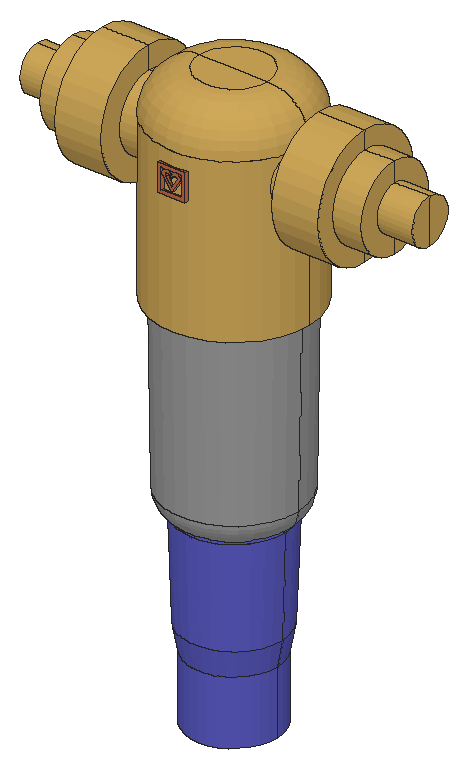
Revit family "HERZ Water Filter For Cold Water 0553", category Rohrzubehör, Revit 2020
Family settings
  Bemaßung runder Anschluss = Durchmesser verwenden
  Teiletyp = Unterbricht
  OmniClass-Nummer = 23.65.55.14
  OmniClass-Titel = Valves for Liquid Services
  Arbeitsebenenbasiert = Nein
  Immer vertikal = Ja
  Beim Laden mit Abzugskörper schneiden = Nein
  Gemeinsam genutzt = Nein
Parameters
  W02 = 88.00°  # constant formula
  W01 = 89.00°  # constant formula
  Vorgabe-Ansicht = 0.000 mm
  VRS01 = 10.000 mm  # constant formula
  SC_NennweiteBerechnet = 0
  SC_Dimension = ""
  SCTWSEQ = "FI;SBT_TYP_FI=\"FI\";2"
  SCTWCODE = "02;00;02"  # constant formula
  S01 [instance] = (L02 + VRL01 + VRL02) - (L01 / 2)  # 24.750 mm
  Model = "Filter for cold water with fiber-glass reinforced plastic cup."
  Medium = "Water"  # constant formula
  Max. operating temperature = 30 °C  # constant formula
  Max. operating pressure = 1600000.0 Pa  # constant formula
  Bowl = "transparent, fiber-glass reinforced plastic"  # constant formula
  Note = "Pursuant to Article 33 of the REACH Regulation (EC No. 1907/2006), we are obliged to point out that the material lead is listed on the SVHC list and that all brass components manufactured in our products exceed 0.1% (w / w) lead (CAS: 7439-92-1 / EINECS: 231-100-4).\r\nSince lead is a component part of an alloy, actual exposure is not possible and therefore no additional information on safe use is necessary."
  GT [instance] = size_lookup("0553_", "GT", 1.000 mm, Nennweite)  # 11.900 mm
  VRL02 [instance] = size_lookup("0553_", "VRL2", 1.000 mm, Nennweite)  # 21.750 mm
  VRL01 [instance] = size_lookup("0553_", "VRL1", 1.000 mm, Nennweite)  # 15.500 mm
  VRD02 [instance] = size_lookup("0553_", "VRD2", 1.000 mm, Nennweite)  # 14.000 mm
  VRD01 [instance] = size_lookup("0553_", "VRD1", 1.000 mm, Nennweite)  # 20.000 mm
  URL = "www.herzvalves.com"
  T01 = 1.000 mm  # constant formula
  R02 = 8.000 mm  # constant formula
  R01 = 12.500 mm  # constant formula
  Nennweite [instance] = 15.000 mm
  Cartridge = "stainless steel, mesh size 100 μm"  # constant formula
  D02 = 22.750 mm  # constant formula
  L02 [instance] = size_lookup("0553_", "L2", 1.000 mm, Nennweite)  # 28.750 mm
  L01 [instance] = size_lookup("0553_", "L1", 1.000 mm, Nennweite)  # 82.500 mm
  Hersteller = "HERZ Armaturen Ges.m.b.H."  # constant formula
  H04 = 174.000 mm  # constant formula
  H03 = 65.500 mm  # constant formula
  H02 = 45.500 mm  # constant formula
  H01 = 23.000 mm  # constant formula
  Body = "brass, CW617N"  # constant formula
  Part number [instance] = if(Nennweite = 15.000 mm, "I055301", if(Nennweite = 20.000 mm, "I055302", if(Nennweite = 25.000 mm, "I055303", "0")))  # "I055301"
  Application = "The HERZ-Water filter is used in house entrance installations for potable water to protect the potable water against contamination.\r\nIn this way the proper functioning of the system is ensured.\r\nDue to its compact design, the filter can be installed wherever space is restricted."
  AG [instance] = Nennweite / 2  # 7.500 mm
  D01 = 25.500 mm  # constant formula
Reference planes
  plane 1 "Mitte (Vorne/hinten)": y = 0
  plane 2: z = 0
  plane 3 "Mitte (Links/rechts)": x = 0
Forms (mm)
  Revolve 1, solid, material "Messing, weicher Gelbton, geschweißt", detail levels fine
    sketch origin (0, 0, 0) x (1, 0, 0) y (0, 0, 1)
      loop
        line (-41.25, 0) -> (41.25, 0) -> (41.25, 12.5) -> (-41.25, 12.5) -> (-41.25, 0)
      axis (-41.25, 0) -> (41.25, 0)
    angle from 0 to 360
  Revolve 2, solid, material "Messing, weicher Gelbton, geschweißt", detail levels fine
    sketch origin (0, 0, 0) x (1, 0, 0) y (0, 0, 1)
      loop
        line (-28.75, 0) -> (-28.75, 20) -> (-44.25, 20) -> (-44.25, 14) -> (-54.1, 14) -> (-54.1, 7.5) -> (-66, 7.5) -> (-66, 0) -> (-28.75, 0)
      axis (-66, 0) -> (-28.75, 0)
    angle from 0 to 360
  Revolve 3, solid, material "Messing, weicher Gelbton, geschweißt", detail levels fine
    sketch origin (0, 0, 0) x (-1, 0, 0) y (0, 0, 1)
      loop
        line (-28.75, 0) -> (-28.75, 20) -> (-44.25, 20) -> (-44.25, 14) -> (-54.1, 14) -> (-54.1, 7.5) -> (-66, 7.5) -> (-66, 0) -> (-28.75, 0)
      axis (-66, 0) -> (-28.75, 0)
    angle from 0 to 360
  Revolve 4, solid, material "Messing, weicher Gelbton, geschweißt", detail levels fine
    sketch origin (0, 0, 0) x (1, 0, 0) y (0, 0, 1)
      loop
        line (0, -45.5) -> (0, 23) -> (-11.5, 23)
        arc (-11.5, 23) -> (-21.399, 18.899) -> (-25.5, 9) r 14
        line (-25.5, 9) -> (-25.5, -45.5) -> (0, -45.5)
      axis (0, 23) -> (0, -45.5)
    angle from 0 to 360
  Revolve 5, solid, material "ABS-Kunststoff", detail levels fine
    sketch origin (0, 0, 0) x (1, 0, 0) y (0, 0, 1)
      loop
        line (0, -45.5) -> (-22.75, -45.5) -> (-21.744, -103.156)
        arc (-21.744, -103.156) -> (-19.53, -108.542) -> (-14.25, -111) r 8
        line (-14.25, -111) -> (0, -111) -> (0, -45.5)
      axis (0, -45.5) -> (0, -111)
    angle from 0 to 360
  Revolve 6, solid, material "Herz-Marineblau", detail levels fine
    sketch origin (0, 0, 0) x (1, 0, 0) y (0, 0, 1)
      loop
        line (-14.75, -174) -> (0, -174) -> (0, -110.996) -> (-17.5, -110.996) -> (-16.347, -144) -> (-14.75, -152.5) -> (-14.75, -174)
      axis (0, -110.996) -> (0, -174)
    angle from 0 to 360
Lines and regions (mm)
  model lines, detail levels coarse+medium
    curve 1: line (-41.25, 0, 23) -> (-41.25, 0, -23)
    curve 2: line (-41.25, 0, -23) -> (41.25, 0, -23)
    curve 3: line (41.25, 0, -23) -> (41.25, 0, 23)
    curve 4: line (41.25, 0, 23) -> (-41.25, 0, 23)
    curve 5: line (41.25, 0, 23) -> (12.5, 0, 0)
    curve 6: line (12.5, 0, 0) -> (41.25, 0, -23)
    curve 7: line (41.25, 0, 23) -> (51.25, 0, 23)
    curve 8: line (51.25, 0, 23) -> (41.25, 0, 0)
    curve 9: line (41.25, 0, -23) -> (51.25, 0, -23)
    curve 10: line (51.25, 0, -23) -> (41.25, 0, 0)
    curve 11: line (41.25, 0, 0) -> (66, 0, 0)
    curve 12: line (-41.25, 0, 23) -> (-51.25, 0, 23)
    curve 13: line (-51.25, 0, 23) -> (-41.25, 0, 0)
    curve 14: line (-41.25, 0, -23) -> (-51.25, 0, -23)
    curve 15: line (-51.25, 0, -23) -> (-41.25, 0, 0)
    curve 16: line (-41.25, 0, 0) -> (-66, 0, 0)
    curve 17: line (-41.25, -23, 0) -> (41.25, -23, 0)
    curve 18: line (-41.25, 23, 0) -> (-41.25, -23, 0)
    curve 19: line (41.25, 23, 0) -> (-41.25, 23, 0)
    curve 20: line (41.25, -23, 0) -> (41.25, 23, 0)
    curve 21: line (41.25, 23, 0) -> (8.232, 0, 0)
    curve 22: line (8.232, 0, 0) -> (41.25, -23, 0)
    curve 23: line (41.25, 23, 0) -> (51.25, 23, 0)
    curve 24: line (51.25, 23, 0) -> (41.25, 0, 0)
    curve 25: line (41.25, -23, 0) -> (51.25, -23, 0)
    curve 26: line (51.25, -23, 0) -> (41.25, 0, 0)
    curve 27: line (-41.25, 23, 0) -> (-51.25, 23, 0)
    curve 28: line (-51.25, 23, 0) -> (-41.25, 0, 0)
    curve 29: line (-41.25, -23, 0) -> (-51.25, -23, 0)
    curve 30: line (-51.25, -23, 0) -> (-41.25, 0, 0)
Dimensions and locks
  "L01": Revolve 1 sketch curve to Revolve 1 sketch curve
  equal spacing: Revolve 1 sketch curve, plane 3 "Mitte (Links/rechts)", Revolve 1 sketch curve
  "R01": Revolve 1 sketch curve to plane 2
  "L02": plane 3 "Mitte (Links/rechts)" to Revolve 2 sketch curve
  "VRL01": Revolve 2 sketch curve to Revolve 2 sketch curve
  "VRL02": Revolve 2 sketch curve to Revolve 2 sketch curve
  "GT": Revolve 2 sketch curve to Revolve 2 sketch curve
  "VRD01": Revolve 2 sketch curve to Revolve 2 sketch curve
  "VRD02": Revolve 2 sketch curve to Revolve 2 sketch curve
  "AG": Revolve 2 sketch curve to Revolve 2 sketch curve
  "VRL01": Revolve 3 sketch curve to Revolve 3 sketch curve
  "VRL02": Revolve 3 sketch curve to Revolve 3 sketch curve
  "GT": Revolve 3 sketch curve to Revolve 3 sketch curve
  "VRD01": Revolve 3 sketch curve to Revolve 3 sketch curve
  "VRD02": Revolve 3 sketch curve to Revolve 3 sketch curve
  "AG": Revolve 3 sketch curve to Revolve 3 sketch curve
  "L02": Revolve 3 sketch curve to plane 3 "Mitte (Links/rechts)"
  "H01": Revolve 4 sketch curve to plane 2
  "D01": Revolve 4 sketch curve to Revolve 4 sketch curve
  "H02": plane 2 to Revolve 4 sketch curve
  "D02": Revolve 5 sketch curve to Revolve 5 sketch curve
  "H02": plane 2 to Revolve 5 sketch curve
  "H03": Revolve 5 sketch curve to Revolve 5 sketch curve
  "H04": plane 2 to Revolve 6 sketch curve
  "D01": nested 1 to plane 1 "Mitte (Vorne/hinten)"
  equal spacing: curve 1, plane 3 "Mitte (Links/rechts)", curve 3
  "H01": curve 4 to level to curve 2
  "L01": curve 1 to curve 3
  "L02": curve 3 to curve 6
  "VRS01": curve 8 to curve 3
  "VRS01": curve 10 to curve 3
  "S01": curve 11 to curve 3
  "VRS01": curve 13 to curve 1
  "VRS01": curve 15 to curve 1
  "S01": curve 16 to Revolve 1
  "L01": curve 18 to curve 20
  equal spacing: curve 18, plane 3 "Mitte (Links/rechts)", curve 20
  "H01": curve 19 to plane 1 "Mitte (Vorne/hinten)" to curve 17
  "VRS01": curve 20 to curve 24
  "VRS01": curve 20 to curve 26
  "VRS01": curve 28 to curve 18
  "VRS01": curve 30 to curve 18
  "R02": radius of Revolve 5 sketch curve
  "W01": angle Revolve 5 sketch curve to Revolve 4
  "W02": angle Revolve 6 sketch curve to Revolve 6 sketch curve
  aligned and locked: level to plane 2
Automatic sketch dimensions
  curve 15 to level = 0.000 mm
  curve 11 to level = 0.000 mm
  curve 8 to level = 0.000 mm
  curve 5 to level = 0.000 mm
  plane 1 "Mitte (Vorne/hinten)" to curve 22 = 0.000 mm
  plane 1 "Mitte (Vorne/hinten)" to curve 28 = 0.000 mm
  plane 1 "Mitte (Vorne/hinten)" to curve 24 = 0.000 mm
  plane 1 "Mitte (Vorne/hinten)" to curve 26 = 0.000 mm
  plane 3 "Mitte (Links/rechts)" to curve 22 = 8.232 mm
  Revolve 1 sketch curve to level = 0.000 mm  (x2)
  Revolve 1 sketch curve to Revolve 1 sketch curve = 1474.830 mm
  Revolve 1 sketch curve to Revolve 1 sketch curve = 1807.448 mm
  Revolve 2 sketch curve to level = 0.000 mm  (x2)
  Revolve 2 sketch curve to Revolve 2 sketch curve = 1440.530 mm
  plane 3 "Mitte (Links/rechts)" to Revolve 2 sketch curve = 1839.148 mm
  Revolve 3 sketch curve to level = 0.000 mm  (x2)
  Revolve 3 sketch curve to Revolve 3 sketch curve = 1440.530 mm
  plane 3 "Mitte (Links/rechts)" to Revolve 3 sketch curve = 1839.148 mm
  Revolve 4 sketch curve to plane 3 "Mitte (Links/rechts)" = 0.000 mm  (x2)
  level to Revolve 4 sketch curve = 9.000 mm
  Revolve 4 sketch curve to Revolve 4 sketch curve = 320.545 mm
  Revolve 4 sketch curve to Revolve 4 sketch curve = 2190.315 mm
  Revolve 5 sketch curve to plane 3 "Mitte (Links/rechts)" = 0.000 mm  (x2)
  Revolve 5 sketch curve to plane 3 "Mitte (Links/rechts)" = 21.744 mm
  Revolve 5 sketch curve to Revolve 5 sketch curve = 7.494 mm
  Revolve 5 sketch curve to Revolve 5 sketch curve = 255.045 mm
  level to Revolve 5 sketch curve = 2214.315 mm
  Revolve 6 sketch curve to plane 3 "Mitte (Links/rechts)" = 0.000 mm  (x2)
  Revolve 6 sketch curve to plane 3 "Mitte (Links/rechts)" = 14.750 mm
  Revolve 6 sketch curve to Revolve 6 sketch curve = 1.597 mm
  Revolve 6 sketch curve to plane 3 "Mitte (Links/rechts)" = 17.500 mm
  Revolve 6 sketch curve to Revolve 6 sketch curve = 21.500 mm
  Revolve 6 sketch curve to Revolve 6 sketch curve = 8.500 mm
  Revolve 6 sketch curve to Revolve 6 sketch curve = 192.045 mm
  level to Revolve 6 sketch curve = 2214.315 mm
Nested families
  nested 1: "Herz-Logo-vorne" at (0, -25.5, 0) x (0, 1, 0) z (0, 0, 1), type "Herz-Logo-vorne", detail levels fine
Connectors
  piping at (-66, 0, 0), diameter 15, driven by "Nennweite"
    settings: on Revolve 2, index 1, connector inside diameter 609.6 mm, connector length 0.000 mm, flow factor 0, pipe flow 0.0 L/s, pressure drop 0.0 Pa, fitting loss kfactor 0, connector angle 0.00°, fixture units 0, engagement length 0.000 mm, angle of deflection 0.00°, flow configuration 0, flow direction 1, fitting loss method 0, system type 20, joint type 0, gender type 0, connector reference index -1, connector utility 0, adjustable connector no, is connector primary yes, connector description ""
  piping at (66, 0, 0), diameter 15, driven by "Nennweite"
    settings: on Revolve 3, index 2, connector inside diameter 609.6 mm, connector length 0.000 mm, flow factor 0, pipe flow 0.0 L/s, pressure drop 0.0 Pa, fitting loss kfactor 0, connector angle 0.00°, fixture units 0, engagement length 0.000 mm, angle of deflection 0.00°, flow configuration 0, flow direction 2, fitting loss method 0, system type 20, joint type 0, gender type 0, connector reference index -1, connector utility 0, adjustable connector no, is connector primary no, connector description ""
Definition of nested family "Herz-Logo-vorne"
  Parameters (values of type "Herz-Logo-vorne")
    Default Elevation = 0.000 mm
  Reference planes
    plane 1 "Mitte (Vorne/hinten)": y = 0
    plane 2: z = 0
    plane 3 "Mitte (Links/rechts)": x = 0
  Forms (mm)
    Extrusion 1, solid
      sketch origin (0.732, -0.018, 0.017) x (0, -1, 0) y (0, 0, 1)
        loop
          line (-0.018, -4.517) -> (4.482, -4.517) -> (4.482, 4.483) -> (-4.518, 4.483) -> (-4.518, -4.517) -> (-0.018, -4.517)
        loop
          line (-0.05, -3.48) -> (3.482, -3.48) -> (3.482, 3.483) -> (-3.518, 3.483) -> (-3.518, -3.48) -> (-0.05, -3.48)
        loop
          arc (-0.018, 2.383) -> (-1.543, 3.287) -> (-3.067, 2.383) r 1.738
          arc (-3.067, 2.383) -> (-3.191, 1.899) -> (-3.067, 1.415) r 1.009
          line (-3.067, 1.415) -> (-0.018, -3.281) -> (3.032, 1.415)
          arc (3.032, 1.415) -> (3.156, 1.899) -> (3.032, 2.383) r 1.009
          arc (3.032, 2.383) -> (1.507, 3.287) -> (-0.018, 2.383) r 1.738
        loop
          arc (1.885, 1.272) -> (2.005, 1.675) -> (1.885, 2.079) r 0.74
          arc (1.885, 2.079) -> (1.265, 2.416) -> (0.644, 2.079) r 0.74
          line (0.644, 2.079) -> (-0.018, 0.97) -> (-0.679, 2.079)
          arc (-0.679, 2.079) -> (-1.3, 2.416) -> (-1.921, 2.079) r 0.74
          arc (-1.921, 2.079) -> (-2.04, 1.675) -> (-1.921, 1.272) r 0.74
          line (-1.921, 1.272) -> (-0.018, -1.658) -> (1.885, 1.272)
      from 0 to 1.5
  Dimensions and locks
    aligned and locked: level to plane 2
